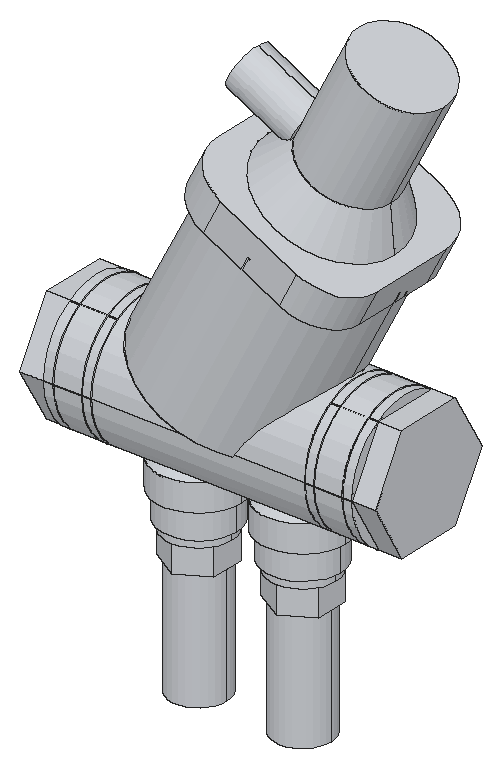
Revit family "PV_Compact_DN015_ 5-30_FF_měř_RFA_2019", category Pipe Accessories, Revit 2019
Family settings
  Round Connector Dimension = Use Diameter
  Part Type = Valve - Breaks Into
  Work Plane-Based = No
  Always vertical = Yes
  Cut with Voids When Loaded = No
  Shared = No
Parameters (values of type "PV Compact DN15 FF s měřením (  5-30kPa)")
  magiProductId = "f361d342a5c3496a8b127ae77303d4"
  magiProductFamilyId = "17221e4467384e4990f0bd3f9c07cb"
  magiPartTypeId = 304
  isMeasuringValve [instance] = no
  ang2D [instance] = 0.00°
  Z7 = 15 mm
  Z6 = 24.6 mm
  Z5 = 57.4 mm
  Z4 = 49.2 mm
  Z3 = 8.2 mm
  Z2 = 41 mm
  XR3 = 30 mm
  XR2 = 25 mm
  XR1 = 13 mm
  W2D = 15 mm
  VersionID = "2.0/2018.12.13.2/FRESE_PV_COMPACT_PLUG_Q13_001"
  Use Minimum Symbol Size [instance] = no
  URL = "www.hydronic.cz"
  Type Comments = "závitový s vnitřním závitem; dvěma měřicími vsuvkami; PN25; dpmax=450kPa; -10~+120°C;"
  R5 = 5 mm
  R4 = 15 mm
  R3 = 10 mm
  R2 = 14 mm
  R1 = 19 mm
  QmdConnectorList = "301;D;302;D"
  Productdata [instance] = ""
  PH__ve = -PH  # -22.4 mm
  PH = 22.4 mm
  NL__ve = -NL  # -15 mm
  NL = 15 mm
  Manufacturer = "Hydronic Systems Prague s.r.o."
  MC Use Limits From Balancing Method = no
  MC Throttling Minimum Value = 0
  MC Throttling Maximum Value = 0
  MC Product Code = "53-3204 DN15; FF; nastavitelný rozsah dp=5~30kPa; Q=50~600l/h;  kvs=2,9"
  MC Pressure Drop Minimum Value = 0.0 Pa
  MC Pressure Drop Maximum Value = 0.0 Pa
  MC Piping Given Pressure Drop [instance] = 0.0 Pa
  M5 = 32.5 mm
  M4 = 30.5 mm
  M3 = 24.5 mm
  M2 = 22.5 mm
  LP = 37.5 mm
  LM = 45 mm
  LL__ve = -LL  # -5.7 mm
  LLT__ve = -LLT  # -14.9 mm
  LLT = 14.9 mm
  LL2 = 32 mm
  LL = 5.7 mm
  L3 = 11 mm
  L2D_Min = 30.48 mm
  L2D = 65 mm
  Description = "Nastavitelný regulátor tlakové diference"
  DR1 = no
  DR0 = yes
  DL2 = 66 mm
  D = 15 mm
  CenSd_R2_6 = R2 * cos(30.00°)  # 12.124 mm
  CAT0 = yes
  C0D1 = no
  C0D0 = yes
Types (10, lengths in mm): name | magiProductId | Z6 | Z5 | Z4 | Z3 | Z2 | XR3 | XR2 | XR1 | R2 | R1 | PH__ve | PH | NL__ve | NL | MC Product Code | M5 | M4 | M3 | M2 | LP | LM | LL__ve | LLT__ve | LLT | LL2 | LL | L3 | D | CenSd_R2_6
  PV Compact DN15 FF s měřením ( 20-60kPa) | "92c6061b2d364c498536f200ceae3f" | 24.6 | 57.4 | 49.2 | 8.2 | 41 | 30 | 25 | 13 | 14 | 19 | -22.4 | 22.4 | -15 | 15 | "53-3205 DN15; FF; nastavitelný rozsah dp=20~60kPa; Q=100~1000l/h;  kvs=2,9" | 32.5 | 30.5 | 24.5 | 22.5 | 37.5 | 45 | -5.7 | -14.9 | 14.9 | 32 | 5.7 | 11 | 15 | 12.124
  PV Compact DN15 FF s měřením (  5-30kPa) | "f361d342a5c3496a8b127ae77303d4" | 24.6 | 57.4 | 49.2 | 8.2 | 41 | 30 | 25 | 13 | 14 | 19 | -22.4 | 22.4 | -15 | 15 | "53-3204 DN15; FF; nastavitelný rozsah dp=5~30kPa; Q=50~600l/h;  kvs=2,9" | 32.5 | 30.5 | 24.5 | 22.5 | 37.5 | 45 | -5.7 | -14.9 | 14.9 | 32 | 5.7 | 11 | 15 | 12.124
  PV Compact DN20 FF s měřením ( 20-60kPa) | "9f7cac6a20a942348ba3edadb25c10" | 24.6 | 57.4 | 49.2 | 8.2 | 41 | 30 | 25 | 13 | 14 | 19 | -22.4 | 22.4 | -15.8 | 15.8 | "53-3207 DN20; FF; nastavitelný rozsah dp=20~60kPa; Q=150~2000l/h;  kvs=3,5" | 33.7 | 31.7 | 25.7 | 23.7 | 39.5 | 47.4 | -5.7 | -14.9 | 14.9 | 32 | 5.7 | 11 | 20 | 12.124
  PV Compact DN20 FF s měřením (  5-30kPa) | "db23a1b537c14a0d8d3ef5b88ba9f3" | 24.6 | 57.4 | 49.2 | 8.2 | 41 | 30 | 25 | 13 | 14 | 19 | -22.4 | 22.4 | -15.8 | 15.8 | "53-3206 DN20; FF; nastavitelný rozsah dp=5~30kPa; Q=100~1000l/h;  kvs=3,5" | 33.7 | 31.7 | 25.7 | 23.7 | 39.5 | 47.4 | -5.7 | -14.9 | 14.9 | 32 | 5.7 | 11 | 20 | 12.124
  PV Compact DN25 FF s měřením (  5-30kPa) | "df9f1d59aa4a4bbbaec25e168ba07d" | 25.5 | 59.5 | 51 | 8.5 | 42.5 | 30 | 25 | 13 | 14 | 19 | -20.8 | 20.8 | -16.6 | 16.6 | "53-3208 DN25; FF; nastavitelný rozsah dp=5~30kPa; Q=600~2100l/h;  kvs=4,0" | 34.9 | 32.9 | 26.9 | 24.9 | 41.5 | 49.8 | -5.9 | -16.3 | 16.3 | 34 | 5.9 | 11 | 25 | 12.124
  PV Compact DN25L FF s měřením ( 20-80kPa) | "87b7cca8bace4074a54840dfb5d8dc" | 40.2 | 93.8 | 80.4 | 13.4 | 67 | 42.5 | 37.5 | 25.5 | 26.5 | 31.5 | -17.6 | 17.6 | -20 | 20 | "53-3211 DN25L; FF; nastavitelný rozsah dp=20~80kPa; Q=750~4200l/h;  kvs=8,7" | 40 | 38 | 32 | 30 | 50 | 60 | -6.3 | -19.1 | 19.1 | 38 | 6.3 | 11 | 25 | 22.95
  PV Compact DN25L FF s měřením (  5-30kPa) | "5f34f6c18cbb44599cc4b76a533b7b" | 40.2 | 93.8 | 80.4 | 13.4 | 67 | 42.5 | 37.5 | 25.5 | 26.5 | 31.5 | -17.6 | 17.6 | -20 | 20 | "53-3210 DN25L; FF; nastavitelný rozsah dp=5~30kPa; Q=600~2500l/h;  kvs=8,7" | 40 | 38 | 32 | 30 | 50 | 60 | -6.3 | -19.1 | 19.1 | 38 | 6.3 | 11 | 25 | 22.95
  PV Compact DN32 FF s měřením ( 20-80kPa) | "4a8a1c2c3ced401aa76adec660b182" | 40.2 | 93.8 | 80.4 | 13.4 | 67 | 42.5 | 37.5 | 25.5 | 26.5 | 31.5 | -13.6 | 13.6 | -20.8 | 20.8 | "53-3214 DN32; FF; nastavitelný rozsah dp=20~80kPa; Q=1000~5000l/h;  kvs=10,1" | 41.2 | 39.2 | 33.2 | 31.2 | 52 | 62.4 | -6.8 | -22.6 | 22.6 | 43 | 6.8 | 25 | 32 | 22.95
  PV Compact DN40 FF s měřením ( 20-80kPa) | "8dd334465d8f48dd802c3dab6bec5b" | 46.8 | 109.2 | 93.6 | 15.6 | 78 | 42.5 | 37.5 | 25.5 | 26.5 | 31.5 | -11.2 | 11.2 | -27.6 | 27.6 | "53-3216 DN40; FF; nastavitelný rozsah dp=20~80kPa; Q=3000~8000l/h;  kvs=15,8" | 51.4 | 49.4 | 43.4 | 41.4 | 69 | 82.8 | -7.1 | -24.7 | 24.7 | 46 | 7.1 | 25 | 40 | 22.95
  PV Compact DN50 FF s měřením ( 20-80kPa) | "de24153ded7e41748f92358b184bd6" | 46.8 | 109.2 | 93.6 | 15.6 | 78 | 42.5 | 37.5 | 25.5 | 35.25 | 31.5 | -6.4 | 6.4 | -27.6 | 27.6 | "53-3218 DN50; FF; nastavitelný rozsah dp=20~80kPa; Q=5000~11500l/h;  kvs=16,2" | 51.4 | 49.4 | 43.4 | 41.4 | 69 | 82.8 | -7.7 | -28.9 | 28.9 | 52 | 7.7 | 25 | 50 | 30.527
Reference planes
  plane 1 "Center (Front/Back)": y = 0
  plane 2 "XYPLANE": z = 0
  plane 3 "Center (Left/Right)": x = 0
  plane 4 "408": x = 37.5
  plane 5 "407": x = -37.5
  plane 6 "402": z = -66
  plane 7 "213": x = 11
  plane 8 "168": z = -10.9
  plane 9 "167": z = -12.9
  plane 10 "166": z = -18.6
  plane 11 "165": z = -24.3
  plane 12 "164": z = -26.3
  plane 13 "154": z = 0
  plane 14 "152": y = 0
  plane 15 "151": z = -32
  plane 16 "150": x = -11
  plane 17 "75": through (318.218, 0, 679.605) normal (0.891, 0, -0.454)
  plane 18 "74": x = 32.5
  plane 19 "73": x = 30.5
  plane 20 "72": x = 24.5
  plane 21 "71": x = 22.5
  plane 22 "70": x = -32.5
  plane 23 "69": x = -30.5
  plane 24 "68": x = -24.5
  plane 25 "67": y = 0
  plane 26 "66": through (-666.893, 0, 343.166) normal (0.454, 0, 0.891)
  plane 27 "65": x = -22.5
  plane 28 "64": through (335.147, 0, 670.979) normal (0.891, 0, -0.454)
  plane 29 "63": through (-649.641, 0, 377.024) normal (0.454, 0, 0.891)
  plane 30 "62": through (352.076, 0, 662.353) normal (0.891, 0, -0.454)
  plane 31 "61": y = 19
  plane 32 "60": y = -19
  plane 33 "59": through (-645.919, 0, 384.33) normal (0.454, 0, 0.891)
  plane 34 "58": through (-642.196, 0, 391.637) normal (0.454, 0, 0.891)
  plane 35 "57": through (313.763, 0, 681.875) normal (0.891, 0, -0.454)
  plane 36 "56": x = 0
  plane 37 "55": through (-668.255, 0, 340.493) normal (0.454, 0, 0.891)
  plane 38 "102XY": through (-668.255, 0, 340.493) normal (0.454, 0, 0.891)
  plane 39 "102XZ": y = 0
  plane 40 "102YZ": through (340.493, 0, 668.255) normal (0.891, 0, -0.454)
Forms (mm)
  Extrusion 1, solid
    sketch origin (37.5, -750, 0) x (0, 1, 0) y (0, 0, 1)
      loop
        line (764, 0) -> (757, 12.124) -> (743, 12.124) -> (736, 0) -> (743, -12.124) -> (757, -12.124) -> (764, 0)
    from 0 to -15 <- "NL__ve"
  Extrusion 2, solid
    sketch origin (-37.5, -750, 0) x (0, 1, 0) y (0, 0, 1)
      loop
        line (736, 0) -> (743, -12.124) -> (757, -12.124) -> (764, 0) -> (757, 12.124) -> (743, 12.124) -> (736, 0)
    from 0 to 15 <- "NL"
  Extrusion 3, solid, visible <- "C0D1"
    sketch origin (-750, 0, -66) x (1, 0, 0) y (0, 1, 0)
      loop
        circle (761, 0) r 10
    from 0 to 50
  Extrusion 4, solid, visible <- "DR1"
    sketch origin (-750, 0, -18.6) x (1, 0, 0) y (0, 1, 0)
      loop
        line (761, -12) -> (771.392, -6) -> (771.392, 6) -> (761, 12) -> (750.608, 6) -> (750.608, -6) -> (761, -12)
    from 0 to -22.4 <- "PH__ve"
  Extrusion 5, solid, visible <- "DR1"
    sketch origin (-750, 0, -18.6) x (1, 0, 0) y (0, 1, 0)
      loop
        circle (761, 0) r 10
    from 0 to 5.7 <- "LL"
  Blend 6, solid, visible <- "DR1"
    base sketch origin (-750, 0, -10.9) x (1, 0, 0) y (0, 1, 0)
      loop
        circle (761, 0) r 7.5
    top sketch origin (-750, 0, -10.9) x (1, 0, 0) y (0, 1, 0)
      loop
        circle (761, 0) r 10
    from 0 to -2
  Extrusion 7, solid, visible <- "DR1"
    sketch origin (-750, 0, 0) x (1, 0, 0) y (0, 1, 0)
      loop
        circle (761, 0) r 7.5
    from 0 to -14.9 <- "LLT__ve"
  Extrusion 8, solid, visible <- "C0D0"
    sketch origin (-750, 0, -32) x (1, 0, 0) y (0, 1, 0)
      loop
        circle (761, 0) r 6
    from 0 to -25
  Extrusion 9, solid, visible <- "DR0"
    sketch origin (-750, 0, -26.3) x (1, 0, 0) y (0, 1, 0)
      loop
        line (761, -7) -> (767.062, -3.5) -> (767.062, 3.5) -> (761, 7) -> (754.938, 3.5) -> (754.938, -3.5) -> (761, -7)
    from 0 to -5.7 <- "LL__ve"
  Extrusion 10, solid, visible <- "DR0"
    sketch origin (-750, 0, -26.3) x (1, 0, 0) y (0, 1, 0)
      loop
        circle (761, 0) r 7
    from 0 to 2
  Extrusion 11, solid, visible <- "DR0"
    sketch origin (-750, 0, -18.6) x (1, 0, 0) y (0, 1, 0)
      loop
        circle (761, 0) r 9
    from 0 to 5.7 <- "LL"
  Blend 12, solid, visible <- "DR0"
    base sketch origin (-750, 0, -10.9) x (1, 0, 0) y (0, 1, 0)
      loop
        circle (761, 0) r 6.5
    top sketch origin (-750, 0, -10.9) x (1, 0, 0) y (0, 1, 0)
      loop
        circle (761, 0) r 9
    from 0 to -2
  Extrusion 13, solid, visible <- "DR0"
    sketch origin (-750, 0, 0) x (1, 0, 0) y (0, 1, 0)
      loop
        circle (761, 0) r 6.5
    from 0 to -14.9 <- "LLT__ve"
  Extrusion 14, solid, visible <- "DR0"
    sketch origin (-750, 0, 0) x (1, 0, 0) y (0, 1, 0)
      loop
        circle (761, 0) r 6.5
    from 0 to -14.9 <- "LLT__ve"
  Blend 15, solid, visible <- "DR0"
    base sketch origin (-750, 0, -10.9) x (1, 0, 0) y (0, 1, 0)
      loop
        circle (761, 0) r 6.5
    top sketch origin (-750, 0, -10.9) x (1, 0, 0) y (0, 1, 0)
      loop
        circle (761, 0) r 9
    from 0 to -2
  Extrusion 16, solid, visible <- "DR0"
    sketch origin (-750, 0, -18.6) x (1, 0, 0) y (0, 1, 0)
      loop
        circle (761, 0) r 9
    from 0 to 5.7 <- "LL"
  Extrusion 17, solid, visible <- "DR0"
    sketch origin (-750, 0, -24.3) x (1, 0, 0) y (0, 1, 0)
      loop
        circle (761, 0) r 8
    from 0 to 5.7 <- "LL"
  Extrusion 18, solid, visible <- "DR0"
    sketch origin (-750, 0, -26.3) x (1, 0, 0) y (0, 1, 0)
      loop
        circle (761, 0) r 7
    from 0 to 2
  Extrusion 19, solid, visible <- "DR0"
    sketch origin (-750, 0, -26.3) x (1, 0, 0) y (0, 1, 0)
      loop
        line (761, -7) -> (767.062, -3.5) -> (767.062, 3.5) -> (761, 7) -> (754.938, 3.5) -> (754.938, -3.5) -> (761, -7)
    from 0 to -5.7 <- "LL__ve"
  Extrusion 20, solid, visible <- "C0D0"
    sketch origin (-750, 0, -32) x (1, 0, 0) y (0, 1, 0)
      loop
        circle (761, 0) r 6
    from 0 to -25
  Extrusion 21, solid, visible <- "CAT0"
    sketch origin (-750, 0, -32) x (1, 0, 0) y (0, 1, 0)
      loop
        circle (739, 0) r 6
    from 0 to -25
  Extrusion 22, solid
    sketch origin (-750, 0, -26.3) x (1, 0, 0) y (0, 1, 0)
      loop
        line (739, -7) -> (745.062, -3.5) -> (745.062, 3.5) -> (739, 7) -> (732.938, 3.5) -> (732.938, -3.5) -> (739, -7)
    from 0 to -5.7 <- "LL__ve"
  Extrusion 23, solid
    sketch origin (-750, 0, -26.3) x (1, 0, 0) y (0, 1, 0)
      loop
        circle (739, 0) r 7
    from 0 to 2
  Extrusion 24, solid
    sketch origin (-750, 0, -24.3) x (1, 0, 0) y (0, 1, 0)
      loop
        circle (739, 0) r 8
    from 0 to 5.7 <- "LL"
  Extrusion 25, solid
    sketch origin (-750, 0, -18.6) x (1, 0, 0) y (0, 1, 0)
      loop
        circle (739, 0) r 9
    from 0 to 5.7 <- "LL"
  Blend 26, solid
    base sketch origin (-750, 0, -10.9) x (1, 0, 0) y (0, 1, 0)
      loop
        circle (739, 0) r 6.5
    top sketch origin (-750, 0, -10.9) x (1, 0, 0) y (0, 1, 0)
      loop
        circle (739, 0) r 9
    from 0 to -2
  Extrusion 27, solid
    sketch origin (-750, 0, 0) x (1, 0, 0) y (0, 1, 0)
      loop
        circle (739, 0) r 6.5
    from 0 to -14.9 <- "LLT__ve"
  Blend 28, solid, visible <- "CAT0"
    base sketch origin (30.5, -750, 0) x (0, 1, 0) y (0, 0, 1)
      loop
        circle (750, 0) r 14
    top sketch origin (30.5, -750, 0) x (0, 1, 0) y (0, 0, 1)
      loop
        circle (750, 0) r 14
    from 0 to 2
  Extrusion 29, solid, visible <- "CAT0"
    sketch origin (24.5, -750, 0) x (0, 1, 0) y (0, 0, 1)
      loop
        circle (750, 0) r 14
    from 0 to 6
  Blend 30, solid, visible <- "CAT0"
    base sketch origin (22.5, -750, 0) x (0, 1, 0) y (0, 0, 1)
      loop
        circle (750, 0) r 14
    top sketch origin (22.5, -750, 0) x (0, 1, 0) y (0, 0, 1)
      loop
        circle (750, 0) r 14
    from 0 to 2
  Blend 31, solid, visible <- "CAT0"
    base sketch origin (-30.5, -750, 0) x (0, 1, 0) y (0, 0, 1)
      loop
        circle (750, 0) r 14
    top sketch origin (-30.5, -750, 0) x (0, 1, 0) y (0, 0, 1)
      loop
        circle (750, 0) r 14
    from 0 to -2
  Extrusion 32, solid, visible <- "CAT0"
    sketch origin (-30.5, -750, 0) x (0, 1, 0) y (0, 0, 1)
      loop
        circle (750, 0) r 14
    from 0 to 6
  Blend 33, solid, visible <- "CAT0"
    base sketch origin (-24.5, -750, 0) x (0, 1, 0) y (0, 0, 1)
      loop
        circle (750, 0) r 14
    top sketch origin (-24.5, -750, 0) x (0, 1, 0) y (0, 0, 1)
      loop
        circle (750, 0) r 14
    from 0 to 2
  Extrusion 34, solid, visible <- "CAT0"
    sketch origin (-22.5, -750, 0) x (0, 1, 0) y (0, 0, 1)
      loop
        circle (750, 0) r 14
    from 0 to 45 <- "LM"
  Extrusion 35, solid, visible <- "CAT0"
    sketch origin (-666.893, 0, 343.166) x (0.891007, 0, -0.45399) y (0, 1, 0)
      loop
        circle (744, 0) r 19
    from 0 to 41 <- "Z2"
  Extrusion 36, solid, visible <- "CAT0"
    sketch origin (-649.641, 0, 377.024) x (0.891007, 0, -0.45399) y (0, 1, 0)
      loop
        arc (735, 19) -> (727.929, 16.071) -> (725, 9) r 10
        line (725, 9) -> (725, -9)
        arc (725, -9) -> (727.929, -16.071) -> (735, -19) r 10
        line (735, -19) -> (753, -19)
        arc (753, -19) -> (760.071, -16.071) -> (763, -9) r 10
        line (763, -9) -> (763, 9)
        arc (763, 9) -> (760.071, 16.071) -> (753, 19) r 10
        line (753, 19) -> (735, 19)
    from 0 to 8.2 <- "Z3"
  Blend 37, solid, visible <- "CAT0"
    base sketch origin (-645.919, 0, 384.33) x (0.891007, 0, -0.45399) y (0, 1, 0)
      loop
        circle (744, 0) r 15
    top sketch origin (-645.919, 0, 384.33) x (0.891007, 0, -0.45399) y (0, 1, 0)
      loop
        circle (744, 0) r 10
    from 0 to 8.2
  Extrusion 38, solid, visible <- "CAT0"
    sketch origin (-642.196, 0, 391.637) x (0.891007, 0, -0.45399) y (0, 1, 0)
      loop
        circle (744, 0) r 10
    from 0 to 24.6 <- "Z6"
  Extrusion 39, solid, visible <- "CAT0"
    sketch origin (313.763, 0, 681.875) x (-0.45399, 0, -0.891007) y (0, 1, 0)
      loop
        circle (692.6, 0) r 5
    from 0 to 15 <- "Z7"
  Blend 40, solid, visible <- "CAT0"
    base sketch origin (-668.255, 0, 340.493) x (0.891007, 0, -0.45399) y (0, 1, 0)
      loop
        circle (744, 0) r 15
    top sketch origin (-668.255, 0, 340.493) x (0.891007, 0, -0.45399) y (0, 1, 0)
      loop
        circle (744, 0) r 19
    from 0 to 3
  Extrusion 41, solid, not visible
    sketch origin (-32.5, -750, 0) x (0, 1, 0) y (0, 0, 1)
      loop
        circle (750, 0) r 10
    from 0 to 10
  Extrusion 42, solid, not visible
    sketch origin (32.5, -750, 0) x (0, 1, 0) y (0, 0, 1)
      loop
        circle (750, 0) r 10
    from 0 to -10
Lines and regions (mm)
  reference lines, not visible
    curve 1: circle (2, 2, 0) r 1 normal (0, 0, 1)
  reference lines
    curve 2: line (37.5, 0, 0) -> (37.5, -3.5, 6.062)
    curve 3: line (37.5, 0, 0) -> (37.5, -7, 0)
    curve 4: line (37.5, 0, 0) -> (37.5, -3.5, -6.062)
    curve 5: line (-37.5, 0, 0) -> (-37.5, 3.5, 6.062)
    curve 6: line (-37.5, 0, 0) -> (-37.5, 7, 0)
    curve 7: line (-37.5, 0, 0) -> (-37.5, 3.5, -6.062)
Dimensions and locks
  plane 1 "Center (Front/Back)" to curve 1 = 2 mm
  "LP": plane 36 "56" to plane 4 "408"
  "LP": plane 36 "56" to plane 5 "407"
  "DL2": plane 2 "XYPLANE" to plane 6 "402"
  "L3": plane 3 "Center (Left/Right)" to plane 7 "213"
  locked: plane 9 "167" to plane 8 "168" at 2
  "LL": plane 10 "166" to plane 9 "167"
  "LL": plane 11 "165" to plane 10 "166"
  locked: plane 12 "164" to plane 11 "165" at 2
  "LL": plane 15 "151" to plane 12 "164"
  locked: plane 2 "XYPLANE" to plane 13 "154"
  locked: plane 1 "Center (Front/Back)" to plane 14 "152"
  "LL2": plane 2 "XYPLANE" to plane 15 "151"
  "L3": plane 3 "Center (Left/Right)" to plane 16 "150"
  "XR2": plane 40 "102YZ" to plane 17 "75"
  "M5": plane 3 "Center (Left/Right)" to plane 18 "74"
  "M4": plane 3 "Center (Left/Right)" to plane 19 "73"
  "M3": plane 3 "Center (Left/Right)" to plane 20 "72"
  "M2": plane 3 "Center (Left/Right)" to plane 21 "71"
  "M5": plane 3 "Center (Left/Right)" to plane 22 "70"
  "M4": plane 3 "Center (Left/Right)" to plane 23 "69"
  "M3": plane 3 "Center (Left/Right)" to plane 24 "68"
  locked: plane 14 "152" to plane 25 "67"
  locked: plane 38 "102XY" to plane 26 "66" at 3
  "M2": plane 3 "Center (Left/Right)" to plane 27 "65"
  locked: plane 40 "102YZ" to plane 28 "64" at 6
  "Z2": plane 38 "102XY" to plane 29 "63"
  "XR1": plane 40 "102YZ" to plane 30 "62"
  "R1": plane 14 "152" to plane 31 "61"
  "R1": plane 14 "152" to plane 32 "60"
  "Z4": plane 38 "102XY" to plane 33 "59"
  "Z5": plane 38 "102XY" to plane 34 "58"
  "XR3": plane 40 "102YZ" to plane 35 "57"
  locked: plane 3 "Center (Left/Right)" to plane 36 "56"
  locked: plane 38 "102XY" to plane 37 "55"
  "CenSd_R2_6": curve 2 to Extrusion 1 sketch curve  (x2)
  "CenSd_R2_6": curve 3 to Extrusion 1 sketch curve  (x2)
  "CenSd_R2_6": curve 4 to Extrusion 1 sketch curve  (x2)
  Extrusion 1 sketch curve to Extrusion 1 sketch curve = 0 mm  (x12)
  "CenSd_R2_6": curve 5 to Extrusion 2 sketch curve  (x2)
  "CenSd_R2_6": curve 6 to Extrusion 2 sketch curve  (x2)
  "CenSd_R2_6": curve 7 to Extrusion 2 sketch curve  (x2)
  Extrusion 2 sketch curve to Extrusion 2 sketch curve = 0 mm  (x12)
  Extrusion 4 sketch curve to Extrusion 4 sketch curve = 0 mm  (x12)
  Extrusion 9 sketch curve to Extrusion 9 sketch curve = 0 mm  (x12)
  Extrusion 19 sketch curve to Extrusion 19 sketch curve = 0 mm  (x12)
  Extrusion 22 sketch curve to Extrusion 22 sketch curve = 0 mm  (x12)
  Extrusion 36 sketch curve to Extrusion 36 sketch curve = 0 mm  (x16)
  "R2": radius of Blend 28 sketch curve  (x2)
  "R2": radius of Extrusion 29 sketch curve
  "R2": radius of Blend 30 sketch curve  (x2)
  "R2": radius of Blend 31 sketch curve  (x2)
  "R2": radius of Extrusion 32 sketch curve
  "R2": radius of Blend 33 sketch curve  (x2)
  "R2": radius of Extrusion 34 sketch curve
  "R1": radius of Extrusion 35 sketch curve
  radius of Extrusion 36 sketch curve = 10 mm  (x4)
  "R3": radius of Blend 37 sketch curve
  "R4": radius of Blend 37 sketch curve
  "R3": radius of Extrusion 38 sketch curve
  "R5": radius of Extrusion 39 sketch curve
  "R1": radius of Blend 40 sketch curve
  locked: curve 3 to curve 2 (angle 60.00°)
  locked: curve 4 to curve 3 (angle 60.00°)
  locked: curve 4 to curve 2 (angle 120.00°)
  locked: curve 6 to curve 5 (angle 60.00°)
  locked: curve 7 to curve 6 (angle 60.00°)
  locked: curve 7 to curve 5 (angle 120.00°)
  aligned and locked: level to plane 2 "XYPLANE"
  aligned and locked: plane 13 "154" to curve 4
  aligned and locked: curve 4 to plane 14 "152"
  aligned and locked: plane 13 "154" to curve 7
  aligned and locked: curve 7 to plane 14 "152"
  aligned and locked: plane 7 "213" to Extrusion 3 sketch curve
  aligned and locked: plane 14 "152" to Extrusion 3 sketch curve
  aligned and locked: plane 7 "213" to Extrusion 5 sketch curve
  aligned and locked: plane 14 "152" to Extrusion 5 sketch curve
  aligned and locked: plane 7 "213" to Blend 6 sketch curve  (x2)
  aligned and locked: plane 14 "152" to Blend 6 sketch curve  (x2)
  aligned and locked: Blend 6 to plane 9 "167"
  aligned and locked: plane 7 "213" to Extrusion 7 sketch curve
  aligned and locked: plane 14 "152" to Extrusion 7 sketch curve
  aligned and locked: plane 7 "213" to Extrusion 8 sketch curve
  aligned and locked: plane 14 "152" to Extrusion 8 sketch curve
  aligned and locked: plane 7 "213" to Extrusion 10 sketch curve
  aligned and locked: plane 14 "152" to Extrusion 10 sketch curve
  aligned and locked: plane 7 "213" to Extrusion 11 sketch curve
  aligned and locked: plane 14 "152" to Extrusion 11 sketch curve
  aligned and locked: plane 7 "213" to Blend 12 sketch curve  (x2)
  aligned and locked: plane 14 "152" to Blend 12 sketch curve  (x2)
  aligned and locked: Blend 12 to plane 9 "167"
  aligned and locked: plane 7 "213" to Extrusion 13 sketch curve
  aligned and locked: plane 14 "152" to Extrusion 13 sketch curve
  aligned and locked: plane 7 "213" to Extrusion 14 sketch curve
  aligned and locked: plane 14 "152" to Extrusion 14 sketch curve
  aligned and locked: plane 7 "213" to Blend 15 sketch curve  (x2)
  aligned and locked: plane 14 "152" to Blend 15 sketch curve  (x2)
  aligned and locked: Blend 15 to plane 9 "167"
  aligned and locked: plane 7 "213" to Extrusion 16 sketch curve
  aligned and locked: plane 14 "152" to Extrusion 16 sketch curve
  aligned and locked: plane 7 "213" to Extrusion 17 sketch curve
  aligned and locked: plane 14 "152" to Extrusion 17 sketch curve
  aligned and locked: plane 7 "213" to Extrusion 18 sketch curve
  aligned and locked: plane 14 "152" to Extrusion 18 sketch curve
  aligned and locked: plane 7 "213" to Extrusion 20 sketch curve
  aligned and locked: plane 14 "152" to Extrusion 20 sketch curve
  aligned and locked: plane 14 "152" to Extrusion 21 sketch curve
  aligned and locked: plane 16 "150" to Extrusion 21 sketch curve
  aligned and locked: plane 14 "152" to Extrusion 23 sketch curve
  aligned and locked: plane 16 "150" to Extrusion 23 sketch curve
  aligned and locked: plane 14 "152" to Extrusion 24 sketch curve
  aligned and locked: plane 16 "150" to Extrusion 24 sketch curve
  aligned and locked: plane 14 "152" to Extrusion 25 sketch curve
  aligned and locked: plane 16 "150" to Extrusion 25 sketch curve
  aligned and locked: plane 14 "152" to Blend 26 sketch curve  (x2)
  aligned and locked: plane 16 "150" to Blend 26 sketch curve  (x2)
  aligned and locked: Blend 26 to plane 9 "167"
  aligned and locked: plane 14 "152" to Extrusion 27 sketch curve
  aligned and locked: plane 16 "150" to Extrusion 27 sketch curve
  aligned and locked: plane 13 "154" to Blend 28 sketch curve  (x2)
  aligned and locked: Blend 28 sketch curve to plane 14 "152"  (x2)
  aligned and locked: plane 18 "74" to Blend 28
  aligned and locked: plane 13 "154" to Extrusion 29 sketch curve
  aligned and locked: Extrusion 29 sketch curve to plane 14 "152"
  aligned and locked: plane 13 "154" to Blend 30 sketch curve  (x2)
  aligned and locked: Blend 30 sketch curve to plane 14 "152"  (x2)
  aligned and locked: plane 20 "72" to Blend 30
  aligned and locked: plane 13 "154" to Blend 31 sketch curve  (x2)
  aligned and locked: Blend 31 sketch curve to plane 14 "152"  (x2)
  aligned and locked: Blend 31 to plane 22 "70"
  aligned and locked: plane 13 "154" to Extrusion 32 sketch curve
  aligned and locked: Extrusion 32 sketch curve to plane 14 "152"
  aligned and locked: plane 13 "154" to Blend 33 sketch curve  (x2)
  aligned and locked: Blend 33 sketch curve to plane 14 "152"  (x2)
  aligned and locked: plane 27 "65" to Blend 33
  aligned and locked: plane 13 "154" to Extrusion 34 sketch curve
  aligned and locked: Extrusion 34 sketch curve to plane 14 "152"
  aligned and locked: plane 25 "67" to Extrusion 35 sketch curve
  aligned and locked: Extrusion 35 sketch curve to plane 28 "64"
  aligned and locked: Extrusion 36 sketch curve to plane 17 "75"
  aligned and locked: Extrusion 36 sketch curve to plane 32 "60"
  aligned and locked: Extrusion 36 sketch curve to plane 30 "62"
  aligned and locked: plane 31 "61" to Extrusion 36 sketch curve
  aligned and locked: plane 25 "67" to Blend 37 sketch curve  (x2)
  aligned and locked: Blend 37 sketch curve to plane 28 "64"  (x2)
  aligned and locked: plane 34 "58" to Blend 37
  aligned and locked: plane 25 "67" to Extrusion 38 sketch curve
  aligned and locked: Extrusion 38 sketch curve to plane 28 "64"
  aligned and locked: plane 25 "67" to Extrusion 39 sketch curve
  aligned and locked: plane 34 "58" to Extrusion 39 sketch curve
  aligned and locked: plane 25 "67" to Blend 40 sketch curve  (x2)
  aligned and locked: Blend 40 sketch curve to plane 28 "64"  (x2)
  aligned and locked: plane 26 "66" to Blend 40
  aligned and locked: plane 13 "154" to Extrusion 41 sketch curve
  aligned and locked: Extrusion 41 sketch curve to plane 14 "152"
  aligned and locked: plane 13 "154" to Extrusion 42 sketch curve
  aligned and locked: Extrusion 42 sketch curve to plane 14 "152"
Automatic sketch dimensions
  plane 3 "Center (Left/Right)" to Extrusion 3 sketch curve = 1 mm
  Extrusion 4 sketch curve to plane 7 "213" = 0 mm  (x2)
  plane 3 "Center (Left/Right)" to Extrusion 4 sketch curve = 0.608 mm
  Extrusion 4 sketch curve to plane 21 "71" = 1.108 mm
  plane 32 "60" to Extrusion 4 sketch curve = 7 mm
  plane 1 "Center (Front/Back)" to Extrusion 4 sketch curve = 6 mm  (x2)
  Extrusion 4 sketch curve to plane 1 "Center (Front/Back)" = 6 mm  (x2)
  Extrusion 4 sketch curve to plane 31 "61" = 7 mm
  plane 3 "Center (Left/Right)" to Extrusion 5 sketch curve = 1 mm
  plane 3 "Center (Left/Right)" to Blend 6 sketch curve = 3.5 mm
  plane 3 "Center (Left/Right)" to Blend 6 sketch curve = 1 mm
  plane 3 "Center (Left/Right)" to Extrusion 7 sketch curve = 3.5 mm
  plane 3 "Center (Left/Right)" to Extrusion 8 sketch curve = 5 mm
  Extrusion 9 sketch curve to plane 7 "213" = 0 mm  (x2)
  plane 3 "Center (Left/Right)" to Extrusion 9 sketch curve = 4.938 mm
  Extrusion 9 sketch curve to plane 21 "71" = 5.438 mm
  plane 1 "Center (Front/Back)" to Extrusion 9 sketch curve = 7 mm
  plane 1 "Center (Front/Back)" to Extrusion 9 sketch curve = 3.5 mm  (x2)
  Extrusion 9 sketch curve to plane 1 "Center (Front/Back)" = 3.5 mm  (x2)
  Extrusion 9 sketch curve to Extrusion 9 sketch curve = 3.5 mm
  plane 3 "Center (Left/Right)" to Extrusion 10 sketch curve = 4 mm
  plane 3 "Center (Left/Right)" to Extrusion 11 sketch curve = 2 mm
  plane 3 "Center (Left/Right)" to Blend 12 sketch curve = 4.5 mm
  plane 3 "Center (Left/Right)" to Blend 12 sketch curve = 2 mm
  plane 3 "Center (Left/Right)" to Extrusion 13 sketch curve = 4.5 mm
  plane 3 "Center (Left/Right)" to Extrusion 14 sketch curve = 4.5 mm
  plane 3 "Center (Left/Right)" to Blend 15 sketch curve = 4.5 mm
  plane 3 "Center (Left/Right)" to Blend 15 sketch curve = 2 mm
  plane 3 "Center (Left/Right)" to Extrusion 16 sketch curve = 2 mm
  plane 3 "Center (Left/Right)" to Extrusion 17 sketch curve = 3 mm
  plane 3 "Center (Left/Right)" to Extrusion 18 sketch curve = 4 mm
  Extrusion 19 sketch curve to plane 7 "213" = 0 mm  (x2)
  plane 3 "Center (Left/Right)" to Extrusion 19 sketch curve = 4.938 mm
  Extrusion 19 sketch curve to plane 21 "71" = 5.438 mm
  plane 1 "Center (Front/Back)" to Extrusion 19 sketch curve = 7 mm
  plane 1 "Center (Front/Back)" to Extrusion 19 sketch curve = 3.5 mm  (x2)
  Extrusion 19 sketch curve to plane 1 "Center (Front/Back)" = 3.5 mm  (x2)
  Extrusion 19 sketch curve to Extrusion 19 sketch curve = 3.5 mm
  plane 3 "Center (Left/Right)" to Extrusion 20 sketch curve = 5 mm
  plane 27 "65" to Extrusion 21 sketch curve = 5.5 mm
  Extrusion 22 sketch curve to plane 16 "150" = 0 mm  (x2)
  plane 27 "65" to Extrusion 22 sketch curve = 5.438 mm
  Extrusion 22 sketch curve to plane 3 "Center (Left/Right)" = 4.938 mm
  plane 1 "Center (Front/Back)" to Extrusion 22 sketch curve = 7 mm
  plane 1 "Center (Front/Back)" to Extrusion 22 sketch curve = 3.5 mm  (x2)
  Extrusion 22 sketch curve to plane 1 "Center (Front/Back)" = 3.5 mm  (x2)
  Extrusion 22 sketch curve to Extrusion 22 sketch curve = 3.5 mm
  plane 27 "65" to Extrusion 23 sketch curve = 4.5 mm
  plane 27 "65" to Extrusion 24 sketch curve = 3.5 mm
  plane 27 "65" to Extrusion 25 sketch curve = 2.5 mm
  plane 27 "65" to Blend 26 sketch curve = 5 mm
  plane 27 "65" to Blend 26 sketch curve = 2.5 mm
  plane 27 "65" to Extrusion 27 sketch curve = 5 mm
  plane 17 "75" to Blend 40 sketch curve = 4 mm
  plane 32 "60" to Extrusion 41 sketch curve = 9 mm
  plane 32 "60" to Extrusion 42 sketch curve = 9 mm
  plane 3 "Center (Left/Right)" to curve 1 = 2 mm
  radius of curve 1 = 1 mm
Connectors
  piping at (-32.5, 0, 0), diameter 15, driven by "D"
    settings: on Extrusion 41, index 1, connector inside diameter 609.6 mm, connector length 0 mm, flow factor 0, pipe flow 0.0 L/s, pressure drop 0.0 Pa, fitting loss kfactor 0, connector angle 0.00°, fixture units 0, engagement length 0 mm, angle of deflection 0.00°, flow configuration 0, flow direction 0, fitting loss method 0, system type 29, joint type 0, gender type 0, connector reference index 2, connector utility 0, adjustable connector no, is connector primary yes, connector description ""
  piping at (32.5, 0, 0), diameter 15, driven by "D"
    settings: on Extrusion 42, index 2, connector inside diameter 609.6 mm, connector length 0 mm, flow factor 0, pipe flow 0.0 L/s, pressure drop 0.0 Pa, fitting loss kfactor 0, connector angle 0.00°, fixture units 0, engagement length 0 mm, angle of deflection 0.00°, flow configuration 0, flow direction 0, fitting loss method 0, system type 29, joint type 0, gender type 0, connector reference index 1, connector utility 0, adjustable connector no, is connector primary no, connector description ""
